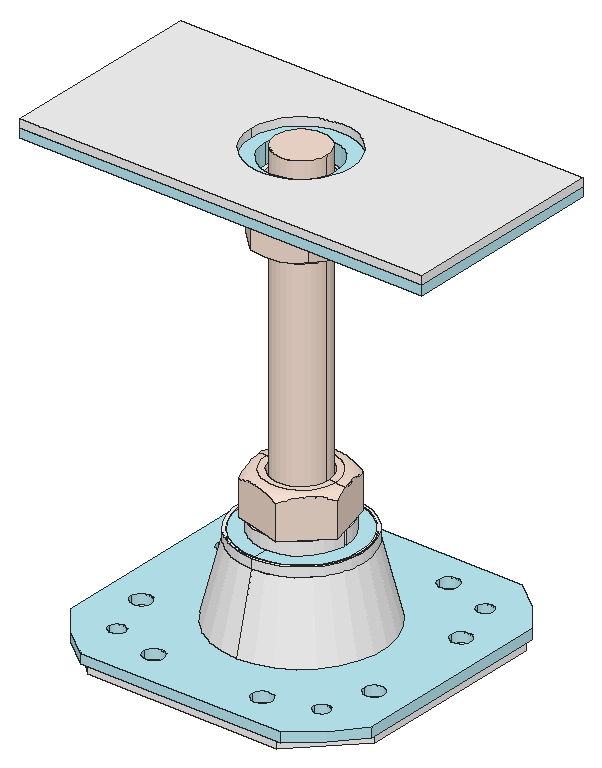
Revit family "gtqueen_nd", category 機械設備, Revit 2022
Family settings
  丸型コネクタ寸法 = 直径を使用
  種別 = なし
  パーツ タイプ = 標準
  作業面ベース = いいえ
  常に垂直 = はい
  ロード時にボイドで切り取り = いいえ
  注釈の向きを維持 = いいえ
  共有 = いいえ
  部屋計算ポイント = いいえ
Parameters
  製造元 = "株式会社桐井製作所"
  既定の高さ = 0 mm
  URL = "https://www.kirii.co.jp/"
  K_名称 = "GTクイーンND"
  K_備考 = "ボルト長さ60mm~250mmまで対応"
  K_バージョン情報 = "20230413"
Reference planes
  plane 1 "中心(正面/背面)": y = 0
  plane 2: z = 0
  plane 3 "中心(左/右)": x = 0
Dimensions and locks
  aligned and locked: level to plane 2
Nested families
  nested 1: "クッションゴムGTクイーン用" at (0.038, 0, 107.3), type "クッションゴムGTクイーン用"
  nested 2: "1／2”ボルト" at (0.038, 0, 0), type "1／2”ボルト"
    with K_長さ(mm) 110 mm
  nested 3: "受け金具GTクイーン用" at (0, 0, 107.3) x (1, 0, 0) z (0, 0, -1), type "受け金具GTクイーン用"
  nested 4: "1／2”ナット" at (0.076, 0, 99.1) x (1, 0, 0) z (0, 0, -1), type "1／2”ナット"
  nested 5: "1／2”スプリングワッシャー" at (-0.038, 0, 99.1), type "1／2”スプリングワッシャー"
  nested 6: "NDブロック" at (0, 0, 2), type "NDブロック"
  nested 7: "1／2”スプリングワッシャー" at (-0.038, 0, 24.6), type "1／2”スプリングワッシャー"
  nested 8: "1／2”ナット" at (0, 0, 27.8), type "1／2”ナット"
  nested 9: "GTクイーンND用ベースゴム" at (0, 0, 0), type "GTクイーンND用ベースゴム"
Definition of nested family "クッションゴムGTクイーン用"
  Parameters (values of type "クッションゴムGTクイーン用")
    Manufacturer = "株式会社桐井製作所"
    Default Elevation = 0 mm
    URL = "https://www.kirii.co.jp/"
    K_材質 = "天然ゴム"
    K_名称 = "クッションゴムGTクイーン用"
    K_単位質量(kg/個) = 0.013
    K_バージョン情報 = "20221219"
    K_JIS規格 = "JIS Ｋ 6386"
  Reference planes
    plane 1 "中心(正面/背面)": y = 0
    plane 2: z = 0
    plane 3 "中心(左/右)": x = 0
  Forms (mm)
    Extrusion 1, solid
      sketch origin (0, 0, -108.4) x (-1, 0, 0) y (0, 0, 1)
        loop
          line (50, 108.4) -> (50, 110.4) -> (-50, 110.4) -> (-50, 108.4) -> (50, 108.4)
      from -25 to 25
    Extrusion 2, void
      sketch origin (0, 0, 0) x (1, 0, 0) y (0, 1, 0)
        loop
          circle (0, 0) r 12.5
      from 0 to 2
  Cuts and joins
    Extrusion 2 cuts Extrusion 1
  Dimensions and locks
    aligned and locked: level to plane 2
Definition of nested family "1／2”ボルト"
  Parameters (values of type "1／2”ボルト")
    Manufacturer = "株式会社桐井製作所"
    Default Elevation = 0 mm
    URL = "https://www.kirii.co.jp/"
    K_長さ(mm) [instance] = 100 mm
    K_表面処理 = "JIS H 8610 電気亜鉛めっき1級以上　JIS H 8625 1級CM1A以上"
    K_材質 = "軟鋼線材　JIS G 3505　同等以上"
    K_名称 = "1/2”ボルト"
    K_単位質量(㎏/mm) = 0.075
    K_バージョン情報 = "20221219"
  Reference planes
    plane 1 "中心(正面/背面)": y = 0
    plane 2: z = 0
    plane 3 "中心(左/右)": x = 0
  Forms (mm)
    Extrusion 1, solid
      sketch origin (0.058, 0, 0) x (1, 0, 0) y (0, 1, 0)
        loop
          circle (-0.02, 0) r 6.35
      from 0 to 100
  Dimensions and locks
    "K_長さ(mm)": Extrusion 1 to Extrusion 1
    aligned and locked: level to plane 2
  Automatic sketch dimensions
    plane 1 "中心(正面/背面)" to Extrusion 1 sketch curve = 0 mm
    plane 3 "中心(左/右)" to Extrusion 1 sketch curve = 0.038 mm
    radius of Extrusion 1 sketch curve = 6.35 mm
Definition of nested family "受け金具GTクイーン用"
  Parameters (values of type "受け金具GTクイーン用")
    Manufacturer = "株式会社桐井製作所"
    Default Elevation = 0 mm
    URL = "https://www.kirii.co.jp/"
    K_表面処理 = "Z12以上"
    K_材質 = "溶融亜鉛めっき鋼板及び鋼帯 JIS G 3302"
    K_名称 = "GTクイーン用受け金具"
    K_単位質量(kg/個) = 0.092
    K_バージョン情報 = "20221219"
  Reference planes
    plane 1 "中心(正面/背面)": y = 0
    plane 2: z = 0
    plane 3 "中心(左/右)": x = 0
  Forms (mm)
    Extrusion 1, solid
      sketch origin (0, 0, 0) x (1, 0, 0) y (0, 0, 1)
        loop
          line (-50, 2.3) -> (-50, 0) -> (50, 0) -> (50, 2.3) -> (-50, 2.3)
      from -25 to 25
    Revolve 2, solid
      sketch origin (0, 0, 0) x (1, 0, 0) y (0, 0, 1)
        loop
          line (0, 5) -> (0, 2.3) -> (17.5, 2.3)
          arc (17.5, 2.3) -> (16.21, 4.247) -> (14, 5) r 3.619
          line (14, 5) -> (0, 5)
        axis (0, 5) -> (0, 2.3)
      angle from 0 to 360
    Extrusion 3, void
      sketch origin (0, 0, 0) x (1, 0, 0) y (0, 1, 0)
        loop
          circle (-0.139, 0) r 9
      from 0 to 5
    Extrusion 4, void
      sketch origin (0, 0, 0) x (1, 0, 0) y (0, 1, 0)
        loop
          circle (-35.139, -10) r 2
        loop
          circle (34.861, 10) r 2
      from 0 to 2.3
  Cuts and joins
    Extrusion 3, Extrusion 4 cuts Extrusion 1
    Extrusion 3, Extrusion 4 cuts Revolve 2
    joined: Extrusion 1, Revolve 2
  Dimensions and locks
    aligned and locked: level to plane 2
Definition of nested family "1／2”ナット"
  Parameters (values of type "1／2”ナット")
    Manufacturer = "株式会社桐井製作所"
    Default Elevation = 0 mm
    URL = "https://www.kirii.co.jp/"
    K_表面処理 = "JIS H 8610 電気亜鉛めっき1級以上　JIS H 8625 1級CM1A以上"
    K_材質 = "軟鋼線材 JIS G 3505 同等以上"
    K_名称 = "1/2\"ナット"
    K_単位質量(kg/個) = 0.021
    K_バージョン情報 = "20221219"
  Reference planes
    plane 1 "中心(正面/背面)": y = 0
    plane 2: z = 0
    plane 3 "中心(左/右)": x = 0
  Forms (mm)
    Revolve 1, solid
      sketch origin (0, 0, 2.36) x (1, 0, 0) y (0, 0, 1)
        loop
          line (7, 7.64) -> (7, -2.36) -> (13, -2.36) -> (13, 4.782)
          arc (13, 4.782) -> (11.208, 6.863) -> (8.573, 7.64) r 4.858
          line (8.573, 7.64) -> (7, 7.64)
        axis (0, 7.64) -> (0, -2.36)
      angle from 0 to 360
    Extrusion 2, void
      sketch origin (0, 0, 0) x (1, 0, 0) y (0, 1, 0)
        loop
          circle (0, 0) r 14
        loop
          line (3.138, 11.711) -> (-8.573, 8.573) -> (-11.711, -3.138) -> (-3.138, -11.711) -> (8.573, -8.573) -> (11.711, 3.138) -> (3.138, 11.711)
      from 0 to 10
  Cuts and joins
    Extrusion 2 cuts Revolve 1
  Dimensions and locks
    aligned and locked: level to plane 2
Definition of nested family "1／2”スプリングワッシャー"
  Parameters (values of type "1／2”スプリングワッシャー")
    Manufacturer = "株式会社桐井製作所"
    Default Elevation = 0 mm
    URL = "https://www.kirii.co.jp/"
    K_表面処理 = "JIS H 8610 電気亜鉛めっき1級以上　JIS H 8625 1級CM1A以上"
    K_材質 = "軟鋼線材 JIS G 3505 同等以上"
    K_名称 = "1/2”スプリングワッシャー"
    K_単位質量(kg/個) = 0.001
    K_バージョン情報 = "20221219"
  Reference planes
    plane 1 "中心(正面/背面)": y = 0
    plane 2: z = 0
    plane 3 "中心(左/右)": x = 0
  Forms (mm)
    Extrusion 1, solid
      sketch origin (0, 0, 0) x (1, 0, 0) y (0, 1, 0)
        loop
          line (10.989, 0.5) -> (7.984, 0.5)
          arc (7.984, 0.5) -> (-8, 0) -> (7.984, -0.5) r 8
          line (7.984, -0.5) -> (10.989, -0.5)
          arc (10.989, -0.5) -> (-11, 0) -> (10.989, 0.5) r 11
      from 0 to 3.2
  Dimensions and locks
    aligned and locked: level to plane 2
Definition of nested family "NDブロック"
  Parameters (values of type "NDブロック")
    Manufacturer = "株式会社桐井製作所"
    Default Elevation = 0 mm
    URL = "https://www.kirii.co.jp/"
    K_名称 = "NDブロック"
    K_バージョン情報 = "20230413"
  Reference planes
    plane 1 "中心(正面/背面)": y = 0
    plane 2: z = 0
    plane 3 "中心(左/右)": x = 0
  Forms (mm)
    Extrusion 1, solid
      sketch origin (0, 0, 0) x (1, 0, 0) y (0, 1, 0)
        loop
          line (24.875, 37.5) -> (-24.875, 37.5)
          arc (-24.875, 37.5) -> (-31.82, 31.82) -> (-37.5, 24.875) r 45
          line (-37.5, 24.875) -> (-37.5, -24.875)
          arc (-37.5, -24.875) -> (-31.82, -31.82) -> (-24.875, -37.5) r 45
          line (-24.875, -37.5) -> (24.875, -37.5)
          arc (24.875, -37.5) -> (31.82, -31.82) -> (37.5, -24.875) r 45
          line (37.5, -24.875) -> (37.5, 24.875)
          arc (37.5, 24.875) -> (31.82, 31.82) -> (24.875, 37.5) r 45
        loop
          circle (-29, 13.5) r 2.5
        loop
          circle (-25.456, 25.456) r 2
        loop
          circle (-13.5, 29) r 2.5
        loop
          circle (13.5, 29) r 2.5
        loop
          circle (25.456, 25.456) r 2
        loop
          circle (29, 13.5) r 2.5
        loop
          circle (29, -13.5) r 2.5
        loop
          circle (25.456, -25.456) r 2
        loop
          circle (13.5, -29) r 2.5
        loop
          circle (-13.5, -29) r 2.5
        loop
          circle (-25.456, -25.456) r 2
        loop
          circle (-29, -13.5) r 2.5
      from 0 to 2.3
    Revolve 2, solid
      sketch origin (0, 0, 0) x (0, 1, 0) y (0, 0, 1)
        loop
          line (-20, 2.3) -> (0, 2.3) -> (0, 20.3) -> (-14.7, 20.3) -> (-14.7, 22.6) -> (-15.5, 22.6) -> (-15.5, 20.3) -> (-20, 2.3)
        axis (0, 2.3) -> (0, 22.6)
      angle from 0 to 360
    Extrusion 3, void
      sketch origin (0, 0, 0) x (1, 0, 0) y (0, 1, 0)
        loop
          circle (0, 0) r 6
      from 0 to 20.3
    Revolve 4, solid
      sketch origin (0, 0, 0) x (0, 1, 0) y (0, 0, 1)
        loop
          line (-15, 22.6) -> (-15, 20.3) -> (-6, 20.3) -> (-6, 22.6) -> (-15, 22.6)
        axis (0, 20.3) -> (0, 22.6)
      angle from 0 to 360
  Cuts and joins
    Extrusion 3 cuts Revolve 2
    Extrusion 3 cuts Extrusion 1
  Dimensions and locks
    aligned and locked: level to plane 2
Definition of nested family "GTクイーンND用ベースゴム"
  Parameters (values of type "GTクイーンND用ベースゴム")
    Manufacturer = "株式会社桐井製作所"
    Default Elevation = 0 mm
    URL = "https://www.kirii.co.jp/"
    K_名称 = "GTクイーンND用ベースゴム"
    K_バージョン情報 = "20230413"
  Reference planes
    plane 1 "中心(正面/背面)": y = 0
    plane 2: z = 0
    plane 3 "中心(左/右)": x = 0
  Forms (mm)
    Extrusion 1, solid
      sketch origin (0, 0, 0) x (1, 0, 0) y (0, 1, 0)
        loop
          line (-23.5, 37) -> (-37, 23.5) -> (-37, -23.5) -> (-23.5, -37) -> (23.5, -37) -> (37, -23.5) -> (37, 23.5) -> (23.5, 37) -> (-23.5, 37)
        loop
          circle (0, 0) r 7.5
      from 0 to 2
  Dimensions and locks
    aligned and locked: level to plane 2
